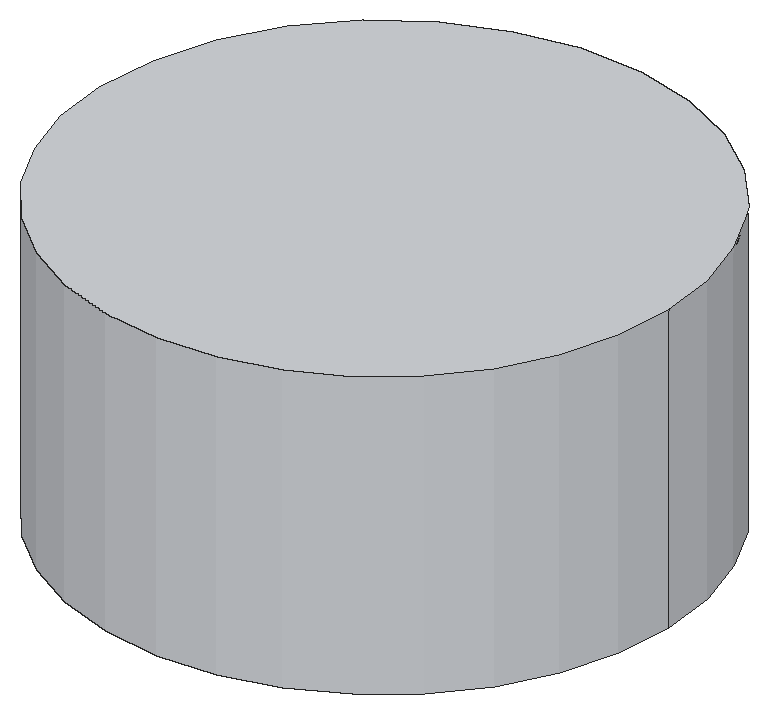
Revit family "07102000", category Specialty Equipment, Revit 2020
Family settings
  Round Connector Dimension = Use Diameter
  Part Type = Normal
  OmniClass Number = 23.40.40.14
  OmniClass Title = Food Service Equipment
  Work Plane-Based = No
  Always vertical = Yes
  Cut with Voids When Loaded = No
  Shared = No
  Room Calculation Point = No
Parameters (values of type "Standard")
  URL = "https://www.rustfriebergh.no/produkter/kj-lte-arbeidsbord/kj-lt-arbeidsbord-rbe"
  Model = "07102000"
  Manufacturer = "Rustfrie Bergh AS"
  Description = "Kjølt arbeidsbord RBE-2000"
  Default Elevation = 0 mm
Reference planes
  plane 1 "Center (Front/Back)": y = 0
  plane 2: z = 0
  plane 3 "Center (Left/Right)": x = 0
Forms (mm)
  Extrusion 1, solid
    sketch origin (-332.501, -44, 0) x (0, 1, 0) y (1, 0, 0)
      loop
        circle (0, 0) r 3.048
    from 0 to -3.048
Dimensions and locks
  aligned and locked: level to plane 2
Connectors
  electrical at (-332.501, -44, 0)
    settings: on Extrusion 1, index 1, voltage 230 V, apparent load 480 VA, apparent load phase1 0 VA, apparent load phase2 0 VA, apparent load phase3 0 VA, power factor 0, load classification "Other", number of poles 1, system type 30, power factor state 1, is connector primary yes, connector utility no, sub classification motor no, connector description "230V 50 Hz 2,09A"
